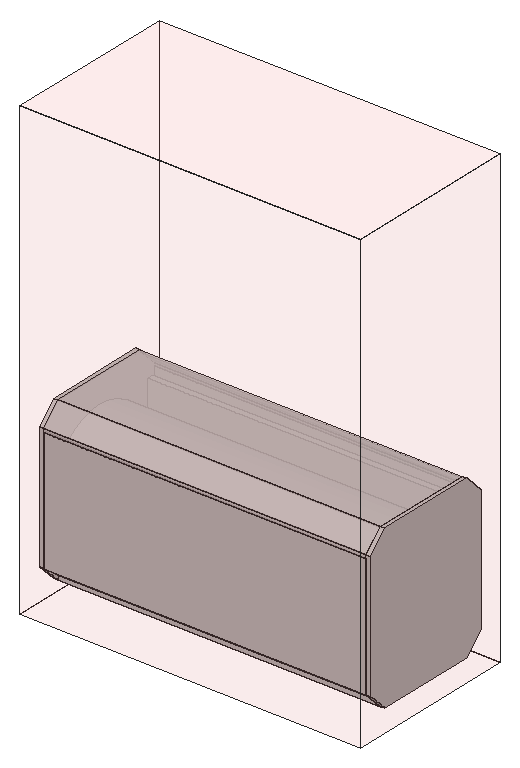
Revit family "Air-Curtain_Specialty_PoweredAire_LDC-Corrosive", category Mechanical Equipment, host Face, Revit 2017
Family settings
  Host = Face
  Round Connector Dimension = Use Diameter
  Part Type = Normal
  OmniClass Number = 23.75.35.17.21
  OmniClass Title = Air Curtains
  Cut with Voids When Loaded = No
  Shared = No
  Room Calculation Point = No
Parameters
  Warranty Duration (Years) = 0
  Unit Width Notes = "Other Widths available."  # constant formula
  Unit Width = 3' - 0"
  Unit Weight = 0
  Unit Height = 1' - 3"
  Unit Depth = 1' - 5 1/2"
  URL = "http://www.poweredaire.com/"
  Test Data = ""
  Standards Conformance = "as Specified"
  Specification = "http://www.arcat.com/sdspecs/htm04/23_34_33pai.htm"
  SpecWizard = ""
  Sound Pressure = "as Specified"
  Sales Information = "http://www.poweredaire.com/contact_us"
  Revision = "R1_2016-08"
  Projection from Host [instance] = 0' - 2"
  Product Properties = ""
  Product Data = "http://www.arcat.com/arcatcos/cos47/arc47623.html"
  Power Rating = 0 W
  Nozzle Width = if(1 = 1, Unit Width - 0' 1", 0' 0")  # 2' - 11"
  Mounting Width = if(1 = 1, Unit Width - 0' 0 15/16", 0' 0")  # 2' - 11 1/16"
  Mounting Height [instance] = 3' - 6"
  Motor RPM = 0
  Motor HP = 0
  Motor Count = 0
  Model = "As Specified"
  Max Height = 0' - 0"
  Manufacturer Website = "http://www.poweredaire.com/"
  Manufacturer Phone - Toll Free = "888-321-2473"
  Manufacturer Phone = "724-588-3305"
  Manufacturer Fax = "724-588-3371"
  Manufacturer Address = "109 Mortensen Rd.  Greenville, PA 16125"
  Manufacturer = "Powered Aire, Inc"
  Maintenance Schedule (Months) = 0
  Keynote = "23 34 33"
  Installation-Fabrication = ""
  Installation Phase = ""
  Include Clearance [instance] = yes
  Heating Element Load = 0 W
  HVAC_Temperature Rise = 0 °F
  HVAC_Outlet Volume = 0 CFM
  HVAC_Outlet Velocity Uniformity = 0
  HVAC_Outlet Velocity = 0 FPM
  Green Building-LEED = "http://www.arcat.com/green/clients/leed_data_47623.html"
  Front Grating Material [instance] = Metal - Steel - PoweredAire - Stainless 316 Perforated
  Frame Finish [instance] = Metal - Steel - PoweredAire - Stainless 316
  Expected Lifespan (Years) = 0
  Electrical_Wattage [instance] = Power Rating + Heating Element Load  # 0 W
  Electrical_Voltage [instance] = 0 V
  Electrical_Phase [instance] = 1
  Electrical_Frequency [instance] = 0 Hz
  Electrical_Amperage [instance] = 0 A
  Drawn By = "Sumex Design, Inc. / Robert S. Weygant, CSI, CDT, SCIP"
  Description = "Powered Aire Air Curtain as Specified"
  Default Elevation = 0' - 0"  # constant formula
  Copyright = "©Arcat Inc."
  Construction Details = "http://www.arcat.com/details/powair/prod3336.html"
  Clearance_Top [instance] = 0' - 2"
  Clearance_Side B [instance] = 0' - 0 1/2"
  Clearance_Side A [instance] = 0' - 0 1/2"
  Clearance_Intake [instance] = 2' - 6"
  Clearance_Bottom [instance] = 0' - 2"
  Clearance Material [instance] = ARCAT Clearance
  Building Codes = ""
  Available Options [instance] = "as Specified"
  Assembly Code = "D3090400"
Reference planes (in)
  plane 1 "Center (Elevation)": y = 0.13818
  plane 2: z = 0
  plane 3 "Center (Left/Right)": x = 0
  plane 4: y = 7.63818
  plane 5: y = -7.36182
  plane 6: x = -18
  plane 7: x = 18
  plane 8: z = 19.5
  plane 9 "FF": y = -41.86182
  plane 10: z = 2
  plane 11: x = 17.5
  plane 12: x = -17.5
  plane 13: y = 9.63818
  plane 14: y = -9.36182
  plane 15: x = -18.5
  plane 16: x = 18.5
  plane 17: z = 49.5
Forms (in)
  Extrusion 1, solid, material "Metal - Steel - PoweredAire - Stainless 316" <- "Frame Finish"
    sketch origin (0, 0, 0) x (0, 1, 0) y (0, 0, 1)
      loop
        line (5.69363, 2) -> (7.63818, 3.94454) -> (7.63818, 17.55546) -> (5.69363, 19.5) -> (-5.41728, 19.5) -> (-7.36182, 17.55546) -> (-7.36182, 3.94454) -> (-5.41728, 2) -> (5.69363, 2)
    from 17.5 to 18
  Extrusion 2, solid, material "Metal - Steel - PoweredAire - Stainless 316" <- "Frame Finish"
    sketch origin (0, 0, -0.5) x (0, 1, 0) y (0, 0, 1)
      loop
        circle (0.13818, 10.9739) r 6.25
      loop
        line (6.63818, 16.89427) -> (6.63818, 5.87829) -> (7.33849, 5.87829) -> (7.33849, 16.89427) -> (6.63818, 16.89427)
      loop
        line (-7.02798, 16.76927) -> (-7.02798, 5.75329) -> (-6.36182, 5.75329) -> (-6.36182, 16.76927) -> (-7.02798, 16.76927)
    from -17.5 to 17.5
  Extrusion 3, solid, material "Metal - Steel - PoweredAire - Stainless 316" <- "Frame Finish"
    sketch origin (0, 0, 0) x (0, 1, 0) y (0, 0, -1)
      loop
        line (5.69363, -2) -> (-5.41728, -2) -> (-7.36182, -3.94454) -> (-7.36182, -17.55546) -> (-5.41728, -19.5) -> (5.69363, -19.5) -> (7.63818, -17.55546) -> (7.63818, -3.94454) -> (5.69363, -2)
    from 17.5 to 18
  Extrusion 4, solid, material "Metal - Steel - PoweredAire - Stainless 316" <- "Frame Finish"
    sketch origin (0, 0, 0) x (0, 1, 0) y (0, 0, 1)
      loop
        line (-5.41728, 2) -> (5.69363, 2) -> (7.63818, 3.94454) -> (7.63818, 17.19454) -> (7.51318, 17.19454) -> (7.51318, 3.99632) -> (5.64186, 2.125) -> (-5.29228, 2.125) -> (-5.29228, 4.06954) -> (-7.23682, 4.06954) -> (-7.23682, 17.19454) -> (-7.36182, 17.19454) -> (-7.36182, 3.94454) -> (-5.41728, 3.94454) -> (-5.41728, 2)
      loop
        line (-6.64819, 3.61034) -> (-5.8702, 2.83235) -> (-5.74472, 2.95783) -> (-6.52271, 3.73583) -> (-6.64819, 3.61034)
    from -17.5 to 17.5
  Extrusion 5, solid, material "Metal - Steel - PoweredAire - Stainless 316 Perforated" <- "Front Grating Material"
    sketch origin (0, 0, 0) x (0, 1, 0) y (0, 0, 1)
      loop
        line (-7.36182, 17.19454) -> (-7.23682, 17.19454) -> (-7.23682, 17.50368) -> (-5.3655, 19.375) -> (5.64186, 19.375) -> (7.51318, 17.50368) -> (7.51318, 17.19454) -> (7.63818, 17.19454) -> (7.63818, 17.55546) -> (5.69363, 19.5) -> (-5.41728, 19.5) -> (-7.36182, 17.55546) -> (-7.36182, 17.19454)
    from -17.5 to 17.5
  Extrusion 6, solid, material "ARCAT Clearance" <- "Clearance Material", visible <- "Include Clearance"
    sketch origin (0, 0, 0) x (0, 1, 0) y (0, 0, 1)
      loop
        line (-9.36182, 49.5) -> (-9.36182, 0) -> (9.63818, 0) -> (9.63818, 49.5) -> (-9.36182, 49.5)
    from -18.5 to 18.5
Dimensions and locks (in)
  equal spacing: plane 4, plane 1 "Center (Elevation)", plane 5
  "Unit Height": plane 4 to plane 5
  equal spacing: plane 6, plane 3 "Center (Left/Right)", plane 7
  "Unit Width": plane 6 to plane 7
  "Mounting Height": plane 1 "Center (Elevation)" to plane 9 "FF"
  "Projection from Host": plane 10 to level
  "Unit Depth": plane 8 to plane 10
  locked: plane 6 to plane 12 at 0.5
  locked: plane 11 to plane 7 at 0.5
  "Clearance_Side A": plane 7 to plane 16
  "Clearance_Side B": plane 15 to plane 6
  "Clearance_Top": plane 13 to plane 4
  "Clearance_Bottom": plane 5 to plane 14
  "Clearance_Intake": plane 17 to plane 8
  aligned and locked: plane 2 to host face
  aligned and locked: level to host face
  aligned and locked: plane 7 to Extrusion 1
  aligned and locked: Extrusion 1 to plane 11
  aligned and locked: plane 12 to Extrusion 3
  aligned and locked: Extrusion 3 to plane 6
  aligned and locked: Extrusion 2 to plane 12
  aligned and locked: plane 11 to Extrusion 2
  aligned and locked: plane 11 to Extrusion 4
  aligned and locked: Extrusion 4 to plane 12
  aligned and locked: plane 11 to Extrusion 5
  aligned and locked: Extrusion 5 to plane 12
  aligned and locked: Extrusion 6 sketch curve to plane 17
  aligned and locked: plane 14 to Extrusion 6 sketch curve
  aligned and locked: level to Extrusion 6 sketch curve
  aligned and locked: Extrusion 6 sketch curve to plane 13
  aligned and locked: plane 16 to Extrusion 6
  aligned and locked: Extrusion 6 to plane 15
Automatic sketch dimensions
  host sketch curve to host sketch curve = 8' - 0"  (x2)
  Extrusion 1 sketch curve to plane 5 = 0' - 0"
  Extrusion 1 sketch curve to plane 8 = 0' - 0"
  Extrusion 1 sketch curve to plane 10 = 0' - 0"
  Extrusion 1 sketch curve to plane 4 = 0' - 0"
  plane 5 to Extrusion 1 sketch curve = 0' - 1.94454"  (x2)
  Extrusion 1 sketch curve to plane 4 = 0' - 1.94454"  (x2)
  plane 10 to Extrusion 1 sketch curve = 0' - 1.94454"  (x2)
  Extrusion 1 sketch curve to plane 8 = 0' - 1.94454"  (x2)
  Extrusion 2 sketch curve to plane 1 "Center (Elevation)" = 0' - 0"
  plane 5 to Extrusion 2 sketch curve = 0' - 1"
  plane 5 to Extrusion 2 sketch curve = 0' - 0.33384"
  Extrusion 2 sketch curve to plane 4 = 0' - 1"
  Extrusion 2 sketch curve to plane 4 = 0' - 0.29969"
  plane 10 to Extrusion 2 sketch curve = 0' - 3.37829"
  plane 10 to Extrusion 2 sketch curve = 0' - 3.25329"
  Extrusion 2 sketch curve to plane 8 = 0' - 9.0261"
  Extrusion 2 sketch curve to plane 8 = 0' - 3.23073"
  Extrusion 2 sketch curve to plane 8 = 0' - 3.10573"
  Extrusion 3 sketch curve to plane 5 = 0' - 0"
  Extrusion 3 sketch curve to plane 8 = 0' - 0"
  Extrusion 3 sketch curve to plane 10 = 0' - 0"
  Extrusion 3 sketch curve to plane 4 = 0' - 0"
  plane 5 to Extrusion 3 sketch curve = 0' - 1.94454"  (x2)
  Extrusion 3 sketch curve to plane 4 = 0' - 1.94454"  (x2)
  Extrusion 3 sketch curve to plane 8 = 0' - 1.94454"  (x2)
  plane 10 to Extrusion 3 sketch curve = 0' - 1.94454"  (x2)
  Extrusion 4 sketch curve to plane 5 = 0' - 0"
  Extrusion 4 sketch curve to plane 10 = 0' - 0"
  Extrusion 4 sketch curve to plane 4 = 0' - 0"
  plane 5 to Extrusion 4 sketch curve = 0' - 0 1/8"
  plane 5 to Extrusion 4 sketch curve = 0' - 0.71363"
  Extrusion 4 sketch curve to Extrusion 4 sketch curve = 0' - 0.12548"  (x2)
  Extrusion 4 sketch curve to Extrusion 4 sketch curve = 0' - 0.778"
  Extrusion 4 sketch curve to Extrusion 4 sketch curve = 0' - 0.32744"
  Extrusion 4 sketch curve to Extrusion 4 sketch curve = 0' - 0 1/8"  (x2)
  plane 10 to Extrusion 4 sketch curve = 0' - 0 1/8"
  Extrusion 4 sketch curve to plane 4 = 0' - 1.99632"
  Extrusion 4 sketch curve to Extrusion 4 sketch curve = 0' - 0.05178"  (x2)
  plane 10 to Extrusion 4 sketch curve = 0' - 0.83235"
  plane 10 to Extrusion 4 sketch curve = 0' - 1.94454"
  Extrusion 4 sketch curve to Extrusion 4 sketch curve = 0' - 0.3342"
  Extrusion 4 sketch curve to plane 4 = 0' - 0 1/8"
  Extrusion 4 sketch curve to plane 8 = 0' - 2.30546"  (x2)
  Extrusion 5 sketch curve to plane 5 = 0' - 0"
  Extrusion 5 sketch curve to plane 8 = 0' - 0"
  Extrusion 5 sketch curve to plane 4 = 0' - 0"
  plane 5 to Extrusion 5 sketch curve = 0' - 0 1/8"
  plane 5 to Extrusion 5 sketch curve = 0' - 1.94454"
  Extrusion 5 sketch curve to plane 8 = 0' - 0 1/8"
  Extrusion 5 sketch curve to Extrusion 5 sketch curve = 0' - 0.05178"  (x4)
  Extrusion 5 sketch curve to plane 4 = 0' - 1.99632"
  Extrusion 5 sketch curve to plane 8 = 0' - 1.94454"  (x2)
  Extrusion 5 sketch curve to Extrusion 5 sketch curve = 0' - 0 1/8"
  Extrusion 5 sketch curve to Extrusion 5 sketch curve = 0' - 0.30914"  (x2)
  radius of Extrusion 2 sketch curve = 0' - 6 1/4"
Connectors (in)
  electrical at (0, 7.63818, 10.56954), driven by "Electrical_Phase", driven by "Electrical_Voltage"
    settings: on Extrusion 4, index 1, voltage 0 V, apparent load 0 VA, apparent load phase1 0 VA, apparent load phase2 0 VA, apparent load phase3 0 VA, power factor 1, load classification "Motor", number of poles 1, system type 31, power factor state 1, is connector primary yes, connector utility no, sub classification motor no, connector description ""
